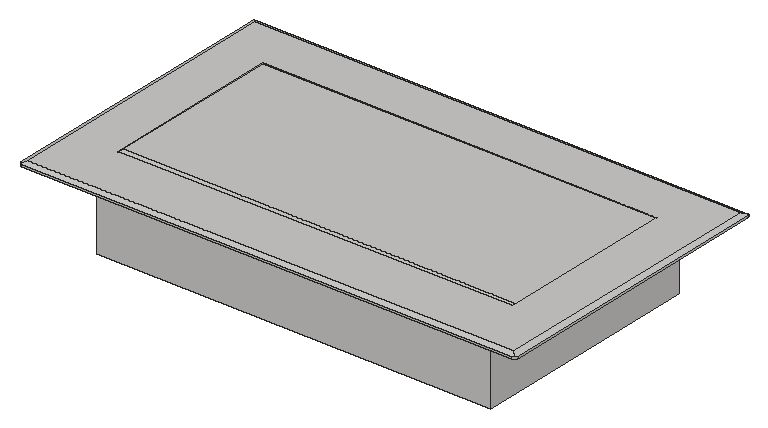
Revit family "PRD_FrankeWS_WstBns_RODANWasteDisposalFlap_RODX605TT", category Specialty Equipment, host Face, Revit 2018
Family settings
  Host = Face
  Round Connector Dimension = Use Diameter
  Part Type = Normal
  OmniClass Number = 23.40.20.31.11
  OmniClass Title = Bins
  Cut with Voids When Loaded = Yes
  Shared = No
  Room Calculation Point = No
Parameters (values of type "RODX605TT")
  WarrantyStartDate [instance] = "1900-12-31T23:59:59"
  WarrantyGuarantorParts = "n/a"
  WarrantyGuarantorLabor = "n/a"
  WarrantyDurationUnit = "year"
  WarrantyDurationParts = "n/a"
  WarrantyDurationLabor = "n/a"
  WarrantyDescription = "n/a"
  Version = "1"
  Uniclass2015Version = "Products v1.10"
  Uniclass2015Title = "Waste bins"
  Uniclass2015Code = "Pr_40_50_07_96"
  URL = "www.kwc.com"
  TypeOfMounting = "Counter top mounting"
  TypeOfFixing = "Screw-glue"
  TagNumber [instance] = "n/a"
  SustainabilityPerformance = "n/a"
  Style = "n/a"
  Size = "330 x 53 x 195 mm"
  Shape = "n/a"
  SerialNumber [instance] = "n/a"
  Revision = "n/a"
  ReplacementCost = "n/a"
  ProductInformation = "https://pim.kwc.com/product/2000101211/attachment/datasheet?locale=en"
  NominalWidth = 330.00 mm
  NominalHeight = 53.00 mm
  NominalDepth = 195.00 mm
  NetWeight = 1.00 kg
  Name = "Waste Disposal Flap RODX605TT"
  NBSTypeID = "n/a"
  NBSReference = "45-35-72/380"
  NBSOfficeMasterTag = "n/a"
  NBSNote = "n/a"
  NBSDescription = "Waste bins"
  NBSCertification = "n/a"
  ModelReference = "RODX605TT"
  ModelNumber = "2000101211"
  Model = ModelReference  # "RODX605TT"
  MaterialThickness = "0.80 mm"
  MaterialCode = "1.4301"
  Material = "stainless steel"
  ManufacturerURL = "www.kwc.com"
  ManufacturerName = "KWC Group AG"  # constant formula
  Manufacturer = ManufacturerName  # "KWC Group AG"
  MainColor = "stainless steel"
  IsBuiltIn = "TRUE"
  InstallationDate [instance] = "1900-12-31T23:59:59"
  IfcExportType = "USERDEFINED"
  IfcExportAs = "IfcFurnitureType"
  GrossWeight = 1.20 kg
  Grade = "n/a"
  Finish = "satin finished"
  Features = "stainless steel, surface satin finished"
  ExpectedLife = "n/a"
  DurationUnit = "year"
  DispenserMaterial = PRD_AR_StainlessSteel_SatinFinished
  Description = "Waste disposal flap for table top installation, stainless steel, visible surfaces satin finished, material thickness 0.8 mm, self-closing disposal flap, without waste container."
  Default Elevation = 1000.00 mm
  CreateOn = "11/2019"  # constant formula
  Constituents = "n/a"
  Color = "n/a"
  CodePerformance = "n/a"
  Category = "Pr_40_50_07_96, Waste bins"
  BarCode [instance] = "n/a"
  BIMObjectName = "PRD_AR_WasteBins_RODANWasteDisposalFlap_RODX605TT"
  Author = "Archispace"  # constant formula
  AssetType = "Fixed"
  AssetIdentifier [instance] = "n/a"
  AccessibilityPerformance = "n/a"
Reference planes
  plane 1 "Center (Front/Back)": y = 0
  plane 2: z = 0
  plane 3 "Center (Left/Right)": x = 0
  plane 4: z = 0
Forms (mm)
  Extrusion 1, void
    sketch origin (0, 0, 0) x (1, 0, 0) y (0, 1, 0)
      loop
        line (-131, 78) -> (-131, -78) -> (131, -78) -> (131, 78) -> (-131, 78)
    from 0 to -50.5
Dimensions and locks
  Extrusion 1 sketch curve to Extrusion 1 sketch curve = 262.00 mm
  Extrusion 1 sketch curve to Extrusion 1 sketch curve = 156.00 mm
  plane 4 to level = 0.00 mm
  aligned and locked: plane 2 to host face
  aligned and locked: level to host face
Nested families
  nested 1: "2000101211-RODX605TT" at (0, 0, 0), Material <- "DispenserMaterial", type "2000101211-RODX605TT"
    with Material PRD_AR_StainlessSteel_SatinFinished
Definition of nested family "2000101211-RODX605TT"
  Parameters (values of type "2000101211-RODX605TT")
    Default Elevation = 1219.20 mm
    Material [instance] = none
  Reference planes
    plane 1 "Środek (Przód/Tył)": y = 0
    plane 2: z = 0
    plane 3 "Środek (Lewa/Prawa)": x = 0
  Forms (mm)
    Extrusion 1, solid, material <- "Material", detail levels fine
      sketch origin (0, 0, 0) x (1, 0, 0) y (0, 1, 0)
        loop
          line (-165, -100.191) -> (165, -100.191) -> (165, 94.809) -> (-165, 94.809) -> (-165, -100.191)
      from 0 to 2.5
    Sweep 2, void
      path in 3D
        loop
          line (-165, -100.191, 2.5) -> (165, -100.191, 2.5) -> (165, 94.809, 2.5) -> (-165, 94.809, 2.5) -> (-165, -100.191, 2.5)
      profile origin (-165, -2.691, 2.5) x (1, 0, 0) y (0, 0, 1)
        loop
          line (0, 0) -> (0, -1.5) -> (3.5, 0) -> (0, 0)
    Extrusion 3, void
      sketch origin (0, 0, 0) x (1, 0, 0) y (0, 1, 0)
        loop
          line (163, 94.809) -> (-163, 94.809)
          arc (-163, 94.809) -> (-164.414, 94.223) -> (-165, 92.809) r 2
          line (-165, 92.809) -> (-165, -98.191)
          arc (-165, -98.191) -> (-164.414, -99.605) -> (-163, -100.191) r 2
          line (-163, -100.191) -> (163, -100.191)
          arc (163, -100.191) -> (164.414, -99.605) -> (165, -98.191) r 2
          line (165, -98.191) -> (165, 92.809)
          arc (165, 92.809) -> (164.414, 94.223) -> (163, 94.809) r 2
        loop
          line (170, 99.809) -> (-170, 99.809) -> (-170, -105.191) -> (170, -105.191) -> (170, 99.809)
      from 0 to 2.5
    Extrusion 4, void
      sketch origin (0, 0, 0) x (1, 0, 0) y (0, 1, 0)
        loop
          line (-131, 60) -> (-131, -60) -> (131, -60) -> (131, 60) -> (-131, 60)
      from 1.5 to 2.498
    Extrusion 5, solid, material <- "Material", detail levels fine
      sketch origin (0, 0, 0) x (0, 1, 0) y (0, 0, 1)
        loop
          line (60, 2.306) -> (-60, 2.306) -> (-60, 1.5) -> (60, 1.5) -> (60, 2.306)
      from -131 to 131
    Extrusion 6, void
      sketch origin (0, 0, 0) x (0, 1, 0) y (0, 0, 1)
        loop
          line (-60, 1.5) -> (-56, 2.306) -> (-60, 2.306) -> (-60, 1.5)
      from -131 to 131
    Extrusion 7, solid, material <- "Material"
      sketch origin (0, 0, 0) x (1, 0, 0) y (0, 1, 0)
        loop
          line (131, 78) -> (-131, 78) -> (-131, -78) -> (131, -78) -> (131, 78)
      from -50.5 to 0
    Extrusion 8, solid, material <- "Material", detail levels coarse+medium
      sketch origin (0, 0, 0) x (1, 0, 0) y (0, 1, 0)
        loop
          line (-165, -100.191) -> (165, -100.191) -> (165, 94.809) -> (-165, 94.809) -> (-165, -100.191)
      from 0 to 2.5
  Cuts and joins
    Sweep 2, Extrusion 3, Extrusion 4, Extrusion 6 cuts Extrusion 1
    Extrusion 6 cuts Extrusion 5
    joined: Extrusion 1, Extrusion 5
  Lines and regions (mm)
    sketch lines
      curve 1: line (-165, 94.809, 2.5) -> (-165, -100.191, 2.5)
      curve 2: line (165, 94.809, 2.5) -> (-165, 94.809, 2.5)
      curve 3: line (165, -100.191, 2.5) -> (165, 94.809, 2.5)
      curve 4: line (-165, -100.191, 2.5) -> (165, -100.191, 2.5)
  Dimensions and locks
    aligned and locked: level to plane 2
